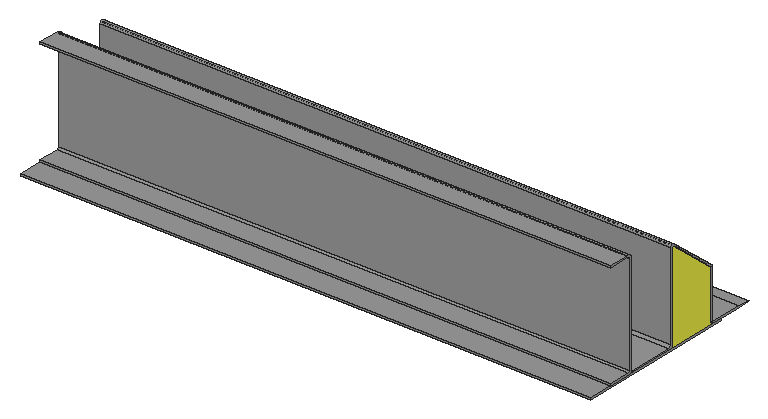
Revit family "SK 110 215 WIL", category Generic Models, Revit 2014
Parameters (values of type "Max lintel length 4050mm")
  URL = "http://www.keystonelintels.co.uk"
  Structural Opening [instance] = 900 mm
  Structural Performance = "The Keystone lintel range has safe working loads as detailed in each applicable loading table in the Keystone Lintel Guide brochure. The structural performance figures within each table have been ascertained by testing in accordance with the requirements of standards BS EN 5977-2: 1983 and BS EN 845-2: 2003."
  RIBA Productor Selector = "available for Keystone Lintels Ltd from Keystone Lintels Ltd from ribaproductselector.com"
  Model = "SK/110 215 WIL"
  Min Length = 600 mm
  Min Clear Span = 300 mm
  Max Length = 4050 mm
  Max Clear Span = 4050 mm
  Material - Stainless Steel = "Grade 304 2b 1.4307 to BS EN 10088-2. Other grades available on request: contact manufacturer."
  Material - Galvanised Steel = "To BS EN 10346: 2009. DX51D plus Z600 or grade Z275 to BS 5977-2: 1983 (BS EN 845-2: 2003)."
  Manufacturer = "Keystone"
  Manufactured Length [instance] = (roundup(Effective Length / 150 mm) * 150 mm)  # 1200 mm
  Lintel height [instance] = 2100 mm
  Keynote = "F30/755"
  Fire Performance = "Keystone lintels have been subjected to a fire test (WARRES No. 101263) in accordance with BS 476-20: 1987, at Exova Warrington Fire and achieved a one hour fire performance."
  End Bearing = 150 mm
  Effective Length [instance] = Clear Opening with MIN MAX set + End Bearing * 2  # 1200 mm
  Corrosion = "Keystone’s standard range of lintels are manufactured from high quality grade pre-galvanized carbon steel with a zinc coating of 600"
  Contact Tel = "+44 (0)28 8676 2184"
  Contact Email = "info@keystonelintels.co.uk"
  Clear Opening with MIN MAX set [instance] = if(Structural Opening < Min Clear Span, Min Clear Span, (if(Structural Opening > Max Clear Span, Max Clear Span, Structural Opening)))  # 900 mm
  CPD Information = "Available for Keystone Lintels Ltd from ribacpd.com"
Reference planes
  plane 1 "Center (Front/Back)": y = 0
  plane 2: z = 0
  plane 3 "Center (Left/Right)": x = 0
  plane 4: x = -600
  plane 5: x = 600
  plane 6: z = 2100
  plane 7: x = -450
  plane 8: x = 450
Forms (mm)
  Extrusion 1, solid, material "Steel"
    sketch origin (0, 658.393, -499.096) x (0, 1, 0) y (0, 0, 1)
      loop
        line (-535.542, 2599.096) -> (-510.597, 2598.228) -> (-510.486, 2601.426) -> (-535.486, 2602.296) -> (-600.486, 2602.296)
        arc (-600.486, 2602.296) -> (-604.022, 2603.76) -> (-605.486, 2607.296) r 5
        line (-605.486, 2607.296) -> (-605.486, 2707.097)
        arc (-605.486, 2707.097) -> (-605.945, 2709.167) -> (-607.237, 2710.85) r 4.9
        line (-607.237, 2710.85) -> (-705.437, 2793.25)
        arc (-705.437, 2793.25) -> (-710.657, 2793.937) -> (-713.486, 2789.496) r 4.9
        line (-713.486, 2789.496) -> (-713.486, 2607.296)
        arc (-713.486, 2607.296) -> (-714.951, 2603.76) -> (-718.486, 2602.296) r 5
        line (-718.486, 2602.296) -> (-813.486, 2602.296) -> (-813.486, 2599.096) -> (-718.486, 2599.096)
        arc (-718.486, 2599.096) -> (-712.688, 2601.498) -> (-710.286, 2607.296) r 8.2
        line (-710.286, 2607.296) -> (-710.286, 2789.496)
        arc (-710.286, 2789.496) -> (-709.305, 2791.037) -> (-707.493, 2790.798) r 1.7
        line (-707.493, 2790.798) -> (-609.293, 2708.399)
        arc (-609.293, 2708.399) -> (-608.845, 2707.815) -> (-608.686, 2707.097) r 1.7
        line (-608.686, 2707.097) -> (-608.686, 2607.296)
        arc (-608.686, 2607.296) -> (-606.284, 2601.498) -> (-600.486, 2599.096) r 8.2
        line (-600.486, 2599.096) -> (-535.542, 2599.096)
    from -600 to 600
  Extrusion 2, solid, material "Steel"
    sketch origin (0, 658.193, -499.096) x (0, 1, 0) y (0, 0, 1)
      loop
        line (-923.486, 2595.896) -> (-583.486, 2595.896) -> (-583.486, 2599.096) -> (-923.486, 2599.096) -> (-923.486, 2595.896)
    from -600 to 600
  Extrusion 3, solid, material "Insulation"
    sketch origin (0, 658.393, -499.096) x (0, 1, 0) y (0, 0, 1)
      loop
        line (-608.686, 2607.296) -> (-608.686, 2707.097)
        arc (-608.686, 2707.097) -> (-608.845, 2707.815) -> (-609.293, 2708.399) r 1.7
        line (-609.293, 2708.399) -> (-707.493, 2790.798)
        arc (-707.493, 2790.798) -> (-709.305, 2791.037) -> (-710.286, 2789.496) r 1.7
        line (-710.286, 2789.496) -> (-710.286, 2607.296)
        arc (-710.286, 2607.296) -> (-712.688, 2601.498) -> (-718.486, 2599.096) r 8.2
        line (-718.486, 2599.096) -> (-600.486, 2599.096)
        arc (-600.486, 2599.096) -> (-606.284, 2601.498) -> (-608.686, 2607.296) r 8.2
    from -600 to 600
  Extrusion 4, solid, material "Steel"
    sketch origin (0, 658.393, -499.096) x (0, 1, 0) y (0, 0, 1)
      loop
        line (-871.686, 2599.096) -> (-825.486, 2599.096)
        arc (-825.486, 2599.096) -> (-820.536, 2601.146) -> (-818.486, 2606.096) r 7
        line (-818.486, 2606.096) -> (-818.486, 2816.686)
        arc (-818.486, 2816.686) -> (-820.8, 2822.272) -> (-826.386, 2824.586) r 7.9
        line (-826.386, 2824.586) -> (-871.686, 2824.586) -> (-871.686, 2821.386) -> (-826.386, 2821.386)
        arc (-826.386, 2821.386) -> (-823.063, 2820.01) -> (-821.686, 2816.686) r 4.7
        line (-821.686, 2816.686) -> (-821.686, 2606.096)
        arc (-821.686, 2606.096) -> (-822.799, 2603.409) -> (-825.486, 2602.296) r 3.8
        line (-825.486, 2602.296) -> (-871.686, 2602.296) -> (-871.686, 2599.096)
    from -600 to 600
  Extrusion 5, solid, not visible
    sketch origin (0, 896.833, 1196.235) x (0, 1, 0) y (0, 0, 1)
      loop
        line (-535.542, 999.096) -> (-510.597, 998.228) -> (-510.486, 1001.426) -> (-535.486, 1002.296) -> (-600.486, 1002.296)
        arc (-600.486, 1002.296) -> (-604.022, 1003.76) -> (-605.486, 1007.296) r 5
        line (-605.486, 1007.296) -> (-605.486, 1107.097)
        arc (-605.486, 1107.097) -> (-605.945, 1109.167) -> (-607.237, 1110.85) r 4.9
        line (-607.237, 1110.85) -> (-705.437, 1193.25)
        arc (-705.437, 1193.25) -> (-710.657, 1193.937) -> (-713.486, 1189.496) r 4.9
        line (-713.486, 1189.496) -> (-713.486, 1007.296)
        arc (-713.486, 1007.296) -> (-714.951, 1003.76) -> (-718.486, 1002.296) r 5
        line (-718.486, 1002.296) -> (-813.486, 1002.296) -> (-813.486, 999.096) -> (-718.486, 999.096)
        arc (-718.486, 999.096) -> (-712.688, 1001.498) -> (-710.286, 1007.296) r 8.2
        line (-710.286, 1007.296) -> (-710.286, 1189.496)
        arc (-710.286, 1189.496) -> (-709.305, 1191.037) -> (-707.493, 1190.798) r 1.7
        line (-707.493, 1190.798) -> (-609.293, 1108.399)
        arc (-609.293, 1108.399) -> (-608.845, 1107.815) -> (-608.686, 1107.097) r 1.7
        line (-608.686, 1107.097) -> (-608.686, 1007.296)
        arc (-608.686, 1007.296) -> (-606.284, 1001.498) -> (-600.486, 999.096) r 8.2
        line (-600.486, 999.096) -> (-535.542, 999.096)
    from 0 to 250
  Extrusion 6, solid, not visible
    sketch origin (0, 528.069, 1185.026) x (0, 1, 0) y (0, 0, 1)
      loop
        line (-608.686, 1007.296) -> (-608.686, 1107.097)
        arc (-608.686, 1107.097) -> (-608.845, 1107.815) -> (-609.293, 1108.399) r 1.7
        line (-609.293, 1108.399) -> (-707.493, 1190.798)
        arc (-707.493, 1190.798) -> (-709.305, 1191.037) -> (-710.286, 1189.496) r 1.7
        line (-710.286, 1189.496) -> (-710.286, 1007.296)
        arc (-710.286, 1007.296) -> (-712.688, 1001.498) -> (-718.486, 999.096) r 8.2
        line (-718.486, 999.096) -> (-600.486, 999.096)
        arc (-600.486, 999.096) -> (-606.284, 1001.498) -> (-608.686, 1007.296) r 8.2
    from 0 to 250
  Extrusion 7, solid, not visible
    sketch origin (0, 988.9, 960.114) x (0, 1, 0) y (0, 0, 1)
      loop
        line (-923.486, 995.896) -> (-583.486, 995.896) -> (-583.486, 999.096) -> (-923.486, 999.096) -> (-923.486, 995.896)
    from 0 to 250
  Extrusion 8, solid, not visible
    sketch origin (0, 705.403, 821.992) x (0, 1, 0) y (0, 0, 1)
      loop
        line (-871.686, 999.096) -> (-825.486, 999.096)
        arc (-825.486, 999.096) -> (-820.536, 1001.146) -> (-818.486, 1006.096) r 7
        line (-818.486, 1006.096) -> (-818.486, 1216.686)
        arc (-818.486, 1216.686) -> (-820.8, 1222.272) -> (-826.386, 1224.586) r 7.9
        line (-826.386, 1224.586) -> (-871.686, 1224.586) -> (-871.686, 1221.386) -> (-826.386, 1221.386)
        arc (-826.386, 1221.386) -> (-823.063, 1220.01) -> (-821.686, 1216.686) r 4.7
        line (-821.686, 1216.686) -> (-821.686, 1006.096)
        arc (-821.686, 1006.096) -> (-822.799, 1003.409) -> (-825.486, 1002.296) r 3.8
        line (-825.486, 1002.296) -> (-871.686, 1002.296) -> (-871.686, 999.096)
    from 0 to 250
Dimensions and locks
  equal spacing: plane 4, plane 3 "Center (Left/Right)", plane 5
  "Manufactured Length": plane 4 to plane 5
  "Lintel height": plane 6 to level
  "Structural Opening": plane 7 to plane 8
  equal spacing: plane 7, plane 3 "Center (Left/Right)", plane 8
  aligned and locked: level to plane 2
  aligned and locked: Extrusion 1 to plane 6
  aligned and locked: Extrusion 3 to plane 6
  aligned and locked: Extrusion 4 to plane 6
  aligned and locked: plane 6 to Extrusion 2
  aligned and locked: plane 5 to Extrusion 2
  aligned and locked: Extrusion 2 to plane 4
  aligned and locked: plane 5 to Extrusion 1
  aligned and locked: Extrusion 1 to plane 4
  aligned and locked: plane 5 to Extrusion 4
  aligned and locked: Extrusion 4 to plane 4
  aligned and locked: plane 5 to Extrusion 3
  aligned and locked: Extrusion 3 to plane 4
Automatic sketch dimensions
  Extrusion 1 sketch curve to Extrusion 1 sketch curve = 64.944 mm
  Extrusion 1 sketch curve to Extrusion 1 sketch curve = 24.944 mm
  Extrusion 1 sketch curve to Extrusion 1 sketch curve = 0.868 mm
  Extrusion 1 sketch curve to Extrusion 1 sketch curve = 0.111 mm
  Extrusion 1 sketch curve to Extrusion 1 sketch curve = 0.056 mm
  Extrusion 1 sketch curve to Extrusion 1 sketch curve = 0 mm  (x17)
  Extrusion 1 sketch curve to Extrusion 1 sketch curve = 5 mm  (x2)
  Extrusion 1 sketch curve to Extrusion 1 sketch curve = 99.801 mm
  Extrusion 1 sketch curve to Extrusion 1 sketch curve = 1.7 mm
  Extrusion 1 sketch curve to Extrusion 1 sketch curve = 0.607 mm
  Extrusion 1 sketch curve to Extrusion 1 sketch curve = 98.2 mm
  Extrusion 1 sketch curve to Extrusion 1 sketch curve = 82.4 mm
  Extrusion 1 sketch curve to Extrusion 1 sketch curve = 2.057 mm  (x2)
  Extrusion 1 sketch curve to Extrusion 1 sketch curve = 2.451 mm
  Extrusion 1 sketch curve to Extrusion 1 sketch curve = 1.093 mm
  Extrusion 1 sketch curve to Extrusion 1 sketch curve = 1.302 mm
  Extrusion 1 sketch curve to Extrusion 1 sketch curve = 95 mm
  Extrusion 2 sketch curve to Extrusion 2 sketch curve = 340 mm
  Extrusion 2 sketch curve to Extrusion 2 sketch curve = 3.2 mm
  Extrusion 3 sketch curve to Extrusion 3 sketch curve = 8.2 mm  (x3)
  Extrusion 3 sketch curve to Extrusion 3 sketch curve = 99.801 mm
  Extrusion 3 sketch curve to Extrusion 3 sketch curve = 109.8 mm  (x2)
  Extrusion 3 sketch curve to Extrusion 3 sketch curve = 0 mm  (x2)
  Extrusion 3 sketch curve to Extrusion 3 sketch curve = 82.4 mm
  Extrusion 3 sketch curve to Extrusion 3 sketch curve = 1.7 mm
  Extrusion 3 sketch curve to Extrusion 3 sketch curve = 0.607 mm
  Extrusion 3 sketch curve to Extrusion 3 sketch curve = 2.793 mm
  Extrusion 3 sketch curve to Extrusion 3 sketch curve = 1.302 mm
  Extrusion 4 sketch curve to Extrusion 4 sketch curve = 46.2 mm
  Extrusion 4 sketch curve to Extrusion 4 sketch curve = 3.2 mm
  Extrusion 4 sketch curve to Extrusion 4 sketch curve = 0 mm  (x8)
  Extrusion 4 sketch curve to Extrusion 4 sketch curve = 3.8 mm
  Extrusion 4 sketch curve to Extrusion 4 sketch curve = 210.59 mm
  Extrusion 4 sketch curve to Extrusion 4 sketch curve = 4.7 mm
  Extrusion 4 sketch curve to Extrusion 4 sketch curve = 45.3 mm
  Extrusion 5 sketch curve to Extrusion 5 sketch curve = 64.944 mm
  Extrusion 5 sketch curve to Extrusion 5 sketch curve = 24.944 mm
  Extrusion 5 sketch curve to Extrusion 5 sketch curve = 0.868 mm
  Extrusion 5 sketch curve to Extrusion 5 sketch curve = 0.111 mm
  Extrusion 5 sketch curve to Extrusion 5 sketch curve = 0.056 mm
  Extrusion 5 sketch curve to Extrusion 5 sketch curve = 0 mm  (x17)
  Extrusion 5 sketch curve to Extrusion 5 sketch curve = 5 mm  (x2)
  Extrusion 5 sketch curve to Extrusion 5 sketch curve = 99.801 mm
  Extrusion 5 sketch curve to Extrusion 5 sketch curve = 1.7 mm
  Extrusion 5 sketch curve to Extrusion 5 sketch curve = 0.607 mm
  Extrusion 5 sketch curve to Extrusion 5 sketch curve = 98.2 mm
  Extrusion 5 sketch curve to Extrusion 5 sketch curve = 82.4 mm
  Extrusion 5 sketch curve to Extrusion 5 sketch curve = 2.057 mm  (x2)
  Extrusion 5 sketch curve to Extrusion 5 sketch curve = 2.451 mm
  Extrusion 5 sketch curve to Extrusion 5 sketch curve = 1.093 mm
  Extrusion 5 sketch curve to Extrusion 5 sketch curve = 1.302 mm
  Extrusion 5 sketch curve to Extrusion 5 sketch curve = 95 mm
  Extrusion 6 sketch curve to Extrusion 6 sketch curve = 8.2 mm  (x3)
  Extrusion 6 sketch curve to Extrusion 6 sketch curve = 99.801 mm
  Extrusion 6 sketch curve to Extrusion 6 sketch curve = 109.8 mm  (x2)
  Extrusion 6 sketch curve to Extrusion 6 sketch curve = 0 mm  (x2)
  Extrusion 6 sketch curve to Extrusion 6 sketch curve = 82.4 mm
  Extrusion 6 sketch curve to Extrusion 6 sketch curve = 1.7 mm
  Extrusion 6 sketch curve to Extrusion 6 sketch curve = 0.607 mm
  Extrusion 6 sketch curve to Extrusion 6 sketch curve = 2.793 mm
  Extrusion 6 sketch curve to Extrusion 6 sketch curve = 1.302 mm
  Extrusion 7 sketch curve to Extrusion 7 sketch curve = 340 mm
  Extrusion 7 sketch curve to Extrusion 7 sketch curve = 3.2 mm
  Extrusion 8 sketch curve to Extrusion 8 sketch curve = 46.2 mm
  Extrusion 8 sketch curve to Extrusion 8 sketch curve = 3.2 mm
  Extrusion 8 sketch curve to Extrusion 8 sketch curve = 0 mm  (x8)
  Extrusion 8 sketch curve to Extrusion 8 sketch curve = 3.8 mm
  Extrusion 8 sketch curve to Extrusion 8 sketch curve = 210.59 mm
  Extrusion 8 sketch curve to Extrusion 8 sketch curve = 4.7 mm
  Extrusion 8 sketch curve to Extrusion 8 sketch curve = 45.3 mm
  Extrusion 4 sketch curve to plane 6 = 0 mm
  plane 1 "Center (Front/Back)" to Extrusion 4 sketch curve = 213.293 mm
  Extrusion 3 sketch curve to plane 6 = 0 mm
  plane 1 "Center (Front/Back)" to Extrusion 3 sketch curve = 60.093 mm
  Extrusion 2 sketch curve to plane 6 = 0 mm
  plane 1 "Center (Front/Back)" to Extrusion 2 sketch curve = 265.293 mm
  Extrusion 1 sketch curve to plane 6 = 0 mm
  plane 1 "Center (Front/Back)" to Extrusion 1 sketch curve = 155.093 mm
